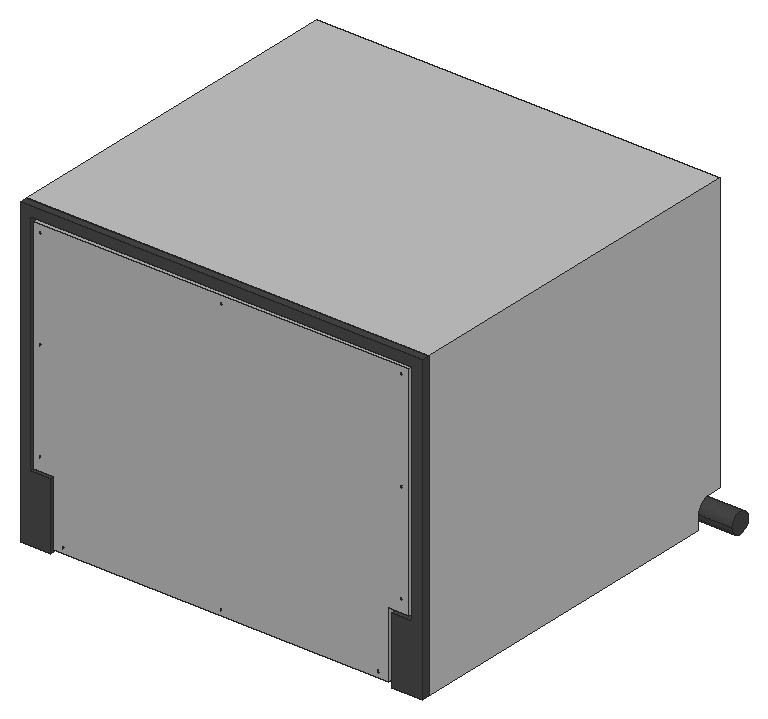
Revit family "FP_Revit_18_DD60SHTI9_DishDrawer_90000919A", category Specialty Equipment, Revit 2018
Family settings
  Round Connector Dimension = Use Diameter
  Part Type = Normal
  OmniClass Number = 23.40.40.14.31
  OmniClass Title = Cleaning and Disposal Equipment
  Work Plane-Based = No
  Always vertical = Yes
  Cut with Voids When Loaded = Yes
  Shared = No
  Room Calculation Point = No
Parameters (values of type "DD60SHTI9")
  Visibility - Handle = no
  Visibility - Door Panel = no
  Visibility - Clearance Required = yes
  URL = "www.fisherpaykel.com"
  Product - Width = 599 mm  # constant formula
  Product - Height = 454 mm  # constant formula
  Product - Depth = 553 mm  # constant formula
  Model = "DD60SHTI9"
  Material - Trim = Fisher & Paykel - Black
  Material - Door Structure = Fisher & Paykel - Aluminium
  Material - Door Front = Fisher & Paykel - Stainless Steel
  Material - Body = Fisher & Paykel - Grey
  Manufacturer = "Fisher & Paykel Appliances"
  FFL Offset [instance] = 406 mm
  Description = "Integrated Single DishDrawer"
  Connector Description - Water = "3/4“ BSP (GB20) to suit Flat Washer"
  Connector Description - Sanitary = "Drain Hose, No Fitting Required"
  Connector Description - Electrical = "230 V, 15 A, fused electrical supply"
  Cavity - Width = 600 mm  # constant formula
  Cavity - Height = 456 mm  # constant formula
  Cavity - Depth = 560 mm  # constant formula
Types (3, lengths in mm): name | Model
  (no name) | "DD60SHTI9"
  DD60STI9 | "DD60STI9"
  DD60SHTI9 | "DD60SHTI9"
Reference planes
  plane 1 "Datum": y = 0
  plane 2: z = 0
  plane 3 "Center (Left/Right)": x = 0
  plane 4: z = 0
  plane 5 "Product LHS": x = -299.5
  plane 6 "Product RHS": x = 299.5
  plane 7 "Product - Depth": y = 553
  plane 8 "Cavity LHS": x = -300
  plane 9 "Cavity RHS": x = 300
  plane 10 "Cavity - Depth": y = 560
  plane 11 "Product Height": z = 860
  plane 12 "Cavity - Height": z = 862
  plane 13 "FFL Offset": z = 406
  plane 14 "Door Front": y = -18
Forms (mm)
  Extrusion 1, solid, material "Fisher & Paykel - Grey" <- "Material - Body"
    sketch origin (0, 0, 0) x (0, 1, 0) y (0, 0, 1)
      loop
        line (12, 860) -> (12, 406) -> (513, 406) -> (513, 426)
        arc (513, 426) -> (518.858, 440.142) -> (533, 446) r 20
        line (533, 446) -> (553, 446) -> (553, 860) -> (12, 860)
    from -299.5 to 299.5
  Extrusion 2, solid, material "Fisher & Paykel - Aluminium" <- "Material - Door Structure", detail levels fine
    sketch origin (0, 0, 0) x (1, 0, 0) y (0, 0, 1)
      loop
        line (-279.5, 840) -> (-279.5, 511) -> (-249.5, 511) -> (-249.5, 412.713) -> (249.5, 412.713) -> (249.5, 511) -> (279.5, 511) -> (279.5, 840) -> (-279.5, 840)
      loop
        circle (-269.5, 680) r 1.502
      loop
        circle (-234.5, 421) r 1.5
      loop
        circle (-269.5, 530) r 1.5
      loop
        circle (-269.5, 830) r 1.5
      loop
        circle (0, 830) r 1.5
      loop
        circle (269.5, 680) r 1.502
      loop
        circle (269.5, 530) r 1.5
      loop
        circle (269.5, 830) r 1.5
      loop
        circle (0, 421) r 1.5
      loop
        circle (234.5, 421) r 1.5
    from -12 to 0
  Sweep 3, solid, material "Fisher & Paykel - Black", detail levels medium+fine
    path origin (0, 539.813, 406) x (1, 0, 0) y (0, 0, 1)
      loop
        line (-119.5, 75) -> (-119.5, 45.438)
        arc (-119.5, 45.438) -> (-125.358, 31.295) -> (-139.5, 25.437) r 20
        line (-139.5, 25.437) -> (-349.5, 25.437)
    profile origin (-119.5, 539.813, 466.219) x (0, -1, 0) y (1, 0, 0)
      loop
        circle (0, 0) r 9
  Extrusion 4, solid, material "Fisher & Paykel - Clearance Required", visible <- "Visibility - Clearance Required", detail levels coarse
    sketch origin (0, 0, 0) x (0, 1, 0) y (0, 0, 1)
      loop
        line (-18, 406) -> (-18, 860) -> (-545, 860) -> (-545, 820.3) -> (-587, 820.3) -> (-587, 804.3) -> (-545, 804.3) -> (-545, 406) -> (-18, 406)
    from -300 to 300
  Extrusion 5, solid, material "Fisher & Paykel - Clearance Required", visible <- "Visibility - Clearance Required", detail levels coarse
    sketch origin (0, 0, 0) x (1, 0, 0) y (0, 1, 0)
      loop
        line (300, 560) -> (-300, 560) -> (-300, 0) -> (300, 0) -> (300, 560)
    from 406 to 862
  Extrusion 6, solid, material "Fisher & Paykel - Black" <- "Material - Trim"
    sketch origin (0, 0, 0) x (1, 0, 0) y (0, 0, 1)
      loop
        line (-299.5, 860) -> (-299.5, 406) -> (-254.5, 406) -> (-254.5, 506) -> (-283.999, 506) -> (-283.999, 845) -> (284, 845) -> (284, 506) -> (254.5, 506) -> (254.5, 406) -> (299.5, 406) -> (299.5, 860) -> (-299.5, 860)
    from -12 to 0
  Sweep 7, solid, material "Fisher & Paykel - Black", detail levels medium+fine
    path origin (0, 0, 0) x (1, 0, 0) y (0, 1, 0)
      loop
        line (199.5, 513) -> (199.5, 514)
        arc (199.5, 514) -> (204.04, 524.96) -> (215, 529.5) r 15.5
        line (215, 529.5) -> (349.5, 529.5)
    profile origin (199.5, 513.5, 0) x (-1, 0, 0) y (0, 0, 1)
      loop
        circle (0, 427) r 15
  Sweep 8, solid, material "Fisher & Paykel - Black", detail levels medium+fine
    path origin (0, 0, 0) x (1, 0, 0) y (0, 1, 0)
      loop
        line (-33.982, 513) -> (-33.982, 516.982)
        arc (-33.982, 516.982) -> (-35.886, 521.579) -> (-40.482, 523.482) r 6.5
        line (-40.482, 523.482) -> (-349.5, 523.482)
    profile origin (-194.991, 523.482, 0) x (0, -1, 0) y (0, 0, 1)
      loop
        circle (0, 417.016) r 4
  Sweep 9, solid, material "Fisher & Paykel - Black", detail levels medium+fine
    path origin (0, 0, 0) x (1, 0, 0) y (0, 1, 0)
      loop
        line (-349.5, 522.999) -> (-215.482, 522.999)
        arc (-215.482, 522.999) -> (-211.239, 521.242) -> (-209.482, 516.999) r 6
        line (-209.482, 516.999) -> (-209.482, 513)
    profile origin (-209.482, 514.999, 0) x (1, 0, 0) y (0, 0, 1)
      loop
        circle (0, 426.938) r 5
  Extrusion 10, solid, material "Fisher & Paykel - Black", detail levels fine
    sketch origin (0, 0, 406) x (1, 0, 0) y (0, 0, 1)
      loop
        line (-27.5, 18) -> (-41.5, 18) -> (-41.5, 4) -> (-27.5, 4) -> (-27.5, 18)
    from -518 to -513
  Extrusion 11, void
    sketch origin (0, 0, 0) x (1, 0, 0) y (0, 1, 0)
      loop
        line (-300, 560) -> (-300, -18) -> (300, -18) -> (300, 560) -> (-300, 560)
    from 406 to 862
  Extrusion 12, solid, material "Fisher & Paykel - Stainless Steel" <- "Material - Door Front", visible <- "Visibility - Door Panel"
    sketch origin (0, 0, 0) x (1, 0, 0) y (0, 1, 0)
      loop
        line (297.5, 0) -> (-297.5, 0) -> (-297.5, -18) -> (297.5, -18) -> (297.5, 0)
    from 408 to 860
  Extrusion 13, void
    sketch origin (0, 0, 0) x (1, 0, 0) y (0, 0, 1)
      loop
        line (-9.5, 511) -> (-229.5, 511) -> (-229.5, 446) -> (-9.5, 446) -> (-9.5, 511)
    from -553 to -550
  Sweep 14, solid, material "Fisher & Paykel - Black", not visible, detail levels medium+fine
    path origin (0, 539.813, 1000) x (1, 0, 0) y (0, 0, 1)
      loop
        line (-119.5, 75) -> (-119.5, 45.438)
        arc (-119.5, 45.438) -> (-125.358, 31.295) -> (-139.5, 25.437) r 20
        line (-139.5, 25.437) -> (-349.5, 25.437)
    profile origin (-119.5, 539.813, 1060.219) x (0, -1, 0) y (1, 0, 0)
      loop
        circle (0, 0) r 9
  Sweep 15, solid, material "Fisher & Paykel - Black", not visible, detail levels medium+fine
    path origin (0, 0, 594) x (1, 0, 0) y (0, 1, 0)
      loop
        line (199.5, 513) -> (199.5, 514)
        arc (199.5, 514) -> (204.04, 524.96) -> (215, 529.5) r 15.5
        line (215, 529.5) -> (349.5, 529.5)
    profile origin (199.5, 513.5, 594) x (-1, 0, 0) y (0, 0, 1)
      loop
        circle (0, 427) r 15
  Sweep 16, solid, material "Fisher & Paykel - Black", not visible, detail levels medium+fine
    path origin (0, 0, 594) x (1, 0, 0) y (0, 1, 0)
      loop
        line (-33.982, 513) -> (-33.982, 516.982)
        arc (-33.982, 516.982) -> (-35.886, 521.579) -> (-40.482, 523.482) r 6.5
        line (-40.482, 523.482) -> (-349.5, 523.482)
    profile origin (-194.991, 523.482, 594) x (0, -1, 0) y (0, 0, 1)
      loop
        circle (0, 417.016) r 4
  Sweep 17, solid, material "Fisher & Paykel - Black", not visible, detail levels medium+fine
    path origin (0, 0, 594) x (1, 0, 0) y (0, 1, 0)
      loop
        line (-349.5, 522.999) -> (-215.482, 522.999)
        arc (-215.482, 522.999) -> (-211.239, 521.242) -> (-209.482, 516.999) r 6
        line (-209.482, 516.999) -> (-209.482, 513)
    profile origin (-209.482, 514.999, 594) x (1, 0, 0) y (0, 0, 1)
      loop
        circle (0, 426.938) r 5
  Extrusion 18, solid, material "Fisher & Paykel - Black", not visible, detail levels fine
    sketch origin (0, 0, 1000) x (1, 0, 0) y (0, 0, 1)
      loop
        line (-27.5, 18) -> (-41.5, 18) -> (-41.5, 4) -> (-27.5, 4) -> (-27.5, 18)
    from -518 to -513
Cuts and joins
  Extrusion 13 cuts Extrusion 2
  Extrusion 13 cuts Extrusion 4
  Extrusion 13 cuts Extrusion 12
  Extrusion 13 cuts Extrusion 1
Lines and regions (mm)
  model lines, style "Fisher & Paykel"
    curve 1: line (-297.5, 0, 860) -> (297.5, 0, 860)
    curve 2: line (-297.5, 0, 408) -> (-297.5, 0, 860)
    curve 3: line (297.5, 0, 408) -> (-297.5, 0, 408)
    curve 4: line (297.5, 0, 860) -> (297.5, 0, 408)
  model lines
    curve 5: line (-297.5, 0, 860) -> (297.5, 0, 860)
    curve 6: line (-297.5, 0, 408) -> (-297.5, 0, 860)
    curve 7: line (297.5, 0, 408) -> (-297.5, 0, 408)
    curve 8: line (297.5, 0, 860) -> (297.5, 0, 408)
  model lines, style "Fisher & Paykel", not visible
    curve 9: line (297.5, 0, 1002) -> (-297.5, 0, 1002)
  model lines, not visible
    curve 10: line (297.5, 0, 1002) -> (-297.5, 0, 1002)
Text (mm)
  text "Due to ongoing product development, product details are subject to change without notice. \nPlease always refer to www.fisherpaykel.com for the most current product information. \n© Fisher & Paykel 2020" at (41.04, -647.69, 0), in view "Ref. Level (Plan)"
Dimensions and locks
  equal spacing: plane 5 "Product LHS", plane 3 "Center (Left/Right)", plane 6 "Product RHS"
  "Product - Width": plane 5 "Product LHS" to plane 6 "Product RHS"
  "Product - Depth": plane 1 "Datum" to plane 7 "Product - Depth"
  equal spacing: plane 8 "Cavity LHS", plane 3 "Center (Left/Right)", plane 9 "Cavity RHS"
  "Cavity - Width": plane 8 "Cavity LHS" to plane 9 "Cavity RHS"
  "Cavity - Depth": plane 10 "Cavity - Depth" to plane 1 "Datum"
  "FFL Offset": plane 13 "FFL Offset" to level
  "Product - Height": plane 11 "Product Height" to plane 13 "FFL Offset"
  "Cavity - Height": plane 13 "FFL Offset" to plane 12 "Cavity - Height"
  locked: plane 11 "Product Height" to nested 1 at 39.7
  locked: plane 13 "FFL Offset" to cut or joined group of Extrusion 12, Extrusion 13 at 2
  locked: Extrusion 2 sketch curve to plane 13 "FFL Offset" at 6.713
  locked: cut or joined group of Extrusion 1, Extrusion 13 to Extrusion 13 sketch curve at 65
  locked: cut or joined group of Extrusion 12, Extrusion 13 to plane 13 "FFL Offset" at 2
  locked: plane 13 "FFL Offset" to Sweep 3 at 75
  locked: Extrusion 1 sketch curve to plane 13 "FFL Offset" at 40
  aligned and locked: level to plane 2
  aligned and locked: Extrusion 5 sketch curve to plane 8 "Cavity LHS"
  aligned and locked: plane 1 "Datum" to Extrusion 5 sketch curve
  aligned and locked: Extrusion 5 sketch curve to plane 9 "Cavity RHS"
  aligned and locked: Extrusion 4 to plane 13 "FFL Offset"
  aligned and locked: cut or joined group of Extrusion 4, Extrusion 13 to Extrusion 5
  aligned and locked: Extrusion 5 to plane 12 "Cavity - Height"
  aligned and locked: Extrusion 5 to Extrusion 1
  aligned and locked: plane 11 "Product Height" to Extrusion 1
  aligned and locked: Extrusion 6 sketch curve to plane 13 "FFL Offset"
  aligned and locked: Extrusion 6 sketch curve to Extrusion 6 sketch curve
  aligned and locked: plane 11 "Product Height" to Extrusion 12
  aligned and locked: cut or joined group of Extrusion 1, Extrusion 13 to Extrusion 13 sketch curve
  aligned and locked: Extrusion 2 sketch curve to Extrusion 2 sketch curve
  aligned and locked: Extrusion 11 to Extrusion 5  (x2)
Automatic sketch dimensions
  Sweep 3 sketch curve to profile plane = 0 mm
  profile plane to Sweep 3 sketch curve = 0 mm
  Sweep 3 sketch curve to Sweep 3 sketch curve = 20 mm
  Sweep 3 sketch curve to Sweep 3 sketch curve = 29.562 mm
  Sweep 7 sketch curve to profile plane = 0 mm
  Sweep 7 sketch curve to Sweep 7 sketch curve = 15.5 mm
  Sweep 7 sketch curve to Sweep 7 sketch curve = 1 mm
  Sweep 8 sketch curve to Sweep 8 sketch curve = 3.982 mm
  Sweep 8 sketch curve to Sweep 8 sketch curve = 6.5 mm
  Sweep 8 sketch curve to profile plane = 0 mm
  Sweep 9 sketch curve to Sweep 9 sketch curve = 6 mm
  Sweep 9 sketch curve to Sweep 9 sketch curve = 3.999 mm
  profile plane to Sweep 9 sketch curve = 0 mm
  Extrusion 10 sketch curve to Extrusion 10 sketch curve = 14 mm  (x2)
  Extrusion 5 sketch curve to plane 10 "Cavity - Depth" = 0 mm
  plane 1 "Datum" to Extrusion 11 sketch curve = 18 mm
  Extrusion 11 sketch curve to plane 8 "Cavity LHS" = 0 mm
  Extrusion 11 sketch curve to plane 9 "Cavity RHS" = 0 mm
  Extrusion 11 sketch curve to plane 10 "Cavity - Depth" = 0 mm
  plane 1 "Datum" to Extrusion 12 sketch curve = 0 mm
  plane 9 "Cavity RHS" to Extrusion 12 sketch curve = 597.5 mm
  plane 1 "Datum" to Extrusion 12 sketch curve = 18 mm
  Extrusion 12 sketch curve to Extrusion 12 sketch curve = 595 mm
  Extrusion 4 sketch curve to plane 11 "Product Height" = 0 mm
  level to Extrusion 4 sketch curve = 406 mm
  plane 1 "Datum" to Extrusion 4 sketch curve = 587 mm
  Extrusion 4 sketch curve to Extrusion 4 sketch curve = 42 mm  (x2)
  plane 1 "Datum" to Extrusion 4 sketch curve = 18 mm
  Extrusion 4 sketch curve to Extrusion 4 sketch curve = 16 mm
  Extrusion 4 sketch curve to Extrusion 4 sketch curve = 55.7 mm
  plane 11 "Product Height" to Extrusion 1 sketch curve = 0 mm
  Extrusion 1 sketch curve to plane 7 "Product - Depth" = 0 mm
  Extrusion 1 sketch curve to Extrusion 1 sketch curve = 20 mm  (x2)
  Extrusion 1 sketch curve to plane 1 "Datum" = 12 mm
  curve 6 to plane 11 "Product Height" = 0 mm
  curve 1 to plane 5 "Product LHS" = 2 mm
  plane 6 "Product RHS" to curve 5 = 2 mm
  Extrusion 1 sketch curve to plane 13 "FFL Offset" = 0 mm
  plane 5 "Product LHS" to Extrusion 6 sketch curve = 0 mm
  plane 6 "Product RHS" to Extrusion 6 sketch curve = 0 mm
  Extrusion 6 sketch curve to plane 5 "Product LHS" = 15.501 mm
  Extrusion 6 sketch curve to Extrusion 6 sketch curve = 29.499 mm
  plane 6 "Product RHS" to Extrusion 6 sketch curve = 45 mm
  plane 6 "Product RHS" to Extrusion 6 sketch curve = 15.5 mm
  plane 13 "FFL Offset" to Extrusion 6 sketch curve = 100 mm  (x2)
  Extrusion 6 sketch curve to plane 11 "Product Height" = 15 mm
  plane 11 "Product Height" to Extrusion 6 sketch curve = 0 mm
  Extrusion 13 sketch curve to plane 5 "Product LHS" = 70 mm
  Extrusion 13 sketch curve to plane 3 "Center (Left/Right)" = 9.5 mm
  plane 13 "FFL Offset" to curve 6 = 2 mm
  plane 13 "FFL Offset" to curve 4 = 2 mm
  Sweep 3 sketch curve to Sweep 3 sketch curve = 210 mm
  Sweep 7 sketch curve to Sweep 7 sketch curve = 134.5 mm
  profile plane to Sweep 7 sketch curve = 427 mm
  Sweep 8 sketch curve to Sweep 8 sketch curve = 309.018 mm
  profile plane to Sweep 8 sketch curve = 417.016 mm
  Sweep 9 sketch curve to Sweep 9 sketch curve = 134.018 mm
  profile plane to Sweep 9 sketch curve = 426.938 mm
  Sweep 14 sketch curve to profile plane = 0 mm
  profile plane to Sweep 14 sketch curve = 0 mm
  Sweep 14 sketch curve to Sweep 14 sketch curve = 20 mm
  Sweep 14 sketch curve to Sweep 14 sketch curve = 29.562 mm
  Sweep 15 sketch curve to profile plane = 0 mm
  Sweep 15 sketch curve to Sweep 15 sketch curve = 15.5 mm
  Sweep 15 sketch curve to Sweep 15 sketch curve = 1 mm
  Sweep 16 sketch curve to Sweep 16 sketch curve = 3.982 mm
  Sweep 16 sketch curve to Sweep 16 sketch curve = 6.5 mm
  Sweep 16 sketch curve to profile plane = 0 mm
  Sweep 17 sketch curve to Sweep 17 sketch curve = 6 mm
  Sweep 17 sketch curve to Sweep 17 sketch curve = 3.999 mm
  profile plane to Sweep 17 sketch curve = 0 mm
  Extrusion 18 sketch curve to Extrusion 18 sketch curve = 14 mm  (x2)
  Sweep 14 sketch curve to Sweep 14 sketch curve = 210 mm
  Sweep 15 sketch curve to Sweep 15 sketch curve = 134.5 mm
  profile plane to Sweep 15 sketch curve = 427 mm
  Sweep 16 sketch curve to Sweep 16 sketch curve = 309.018 mm
  profile plane to Sweep 16 sketch curve = 417.016 mm
  Sweep 17 sketch curve to Sweep 17 sketch curve = 134.018 mm
  profile plane to Sweep 17 sketch curve = 426.938 mm
  Extrusion 2 sketch curve to plane 3 "Center (Left/Right)" = 0 mm  (x2)
  plane 13 "FFL Offset" to Extrusion 2 sketch curve = 15 mm  (x3)
  Extrusion 2 sketch curve to plane 5 "Product LHS" = 65 mm
  Extrusion 2 sketch curve to Extrusion 2 sketch curve = 15 mm
  Extrusion 2 sketch curve to plane 5 "Product LHS" = 30 mm  (x2)
  Extrusion 2 sketch curve to Extrusion 2 sketch curve = 20 mm  (x2)
  Extrusion 2 sketch curve to plane 5 "Product LHS" = 20 mm
  plane 6 "Product RHS" to Extrusion 2 sketch curve = 65 mm
  plane 6 "Product RHS" to Extrusion 2 sketch curve = 50 mm
  plane 6 "Product RHS" to Extrusion 2 sketch curve = 30 mm  (x2)
  Extrusion 2 sketch curve to Extrusion 2 sketch curve = 10 mm  (x2)
  Extrusion 2 sketch curve to Extrusion 2 sketch curve = 90 mm
  Extrusion 2 sketch curve to Extrusion 2 sketch curve = 19 mm  (x2)
  Extrusion 2 sketch curve to Extrusion 2 sketch curve = 150 mm  (x2)
  Extrusion 2 sketch curve to plane 11 "Product Height" = 30 mm  (x3)
  radius of Sweep 3 sketch curve = 9 mm
  radius of Sweep 7 sketch curve = 15 mm
  radius of Sweep 8 sketch curve = 4 mm
  radius of Sweep 9 sketch curve = 5 mm
  radius of Sweep 14 sketch curve = 9 mm
  radius of Sweep 15 sketch curve = 15 mm
  radius of Sweep 16 sketch curve = 4 mm
  radius of Sweep 17 sketch curve = 5 mm
  radius of Extrusion 2 sketch curve = 1.502 mm  (x2)
  radius of Extrusion 2 sketch curve = 1.5 mm  (x8)
Nested families
  nested 1: "F&P Handle Contemporary Square - Horizontal" at (0, -18, 812.322), visible <- "Visibility - Handle", type "565mm"
Connectors
  piping at (-349.5, 539.813, 431.437), diameter 15.9, driven by "Connector Description - Sanitary"
    settings: on Sweep 3, index 4, connector inside diameter 609.6 mm, connector length 0 mm, flow factor 0, pipe flow 0.0 L/s, pressure drop 0.0 Pa, fitting loss kfactor 0, connector angle 0.00°, fixture units 0, engagement length 0 mm, angle of deflection 0.00°, flow configuration 0, flow direction 2, fitting loss method 0, system type 16, joint type 0, gender type 0, connector reference index -1, connector utility 0, adjustable connector no, is connector primary yes, connector description "Drain Hose, No Fitting Required"
  piping at (349.5, 529.5, 427), diameter 30
    settings: on Sweep 7, index 5, connector inside diameter 609.6 mm, connector length 0 mm, flow factor 0, pipe flow 0.0 L/s, pressure drop 0.0 Pa, fitting loss kfactor 0, connector angle 0.00°, fixture units 0, engagement length 0 mm, angle of deflection 0.00°, flow configuration 0, flow direction 2, fitting loss method 0, system type 17, joint type 0, gender type 0, connector reference index -1, connector utility 0, adjustable connector no, is connector primary no, connector description "Vent hose for Fan Assisted Drying"
  piping at (-349.5, 522.999, 426.938), diameter 10, driven by "Connector Description - Water"
    settings: on Sweep 9, index 6, connector inside diameter 609.6 mm, connector length 0 mm, flow factor 0, pipe flow 0.0 L/s, pressure drop 0.0 Pa, fitting loss kfactor 0, connector angle 0.00°, fixture units 0, engagement length 0 mm, angle of deflection 0.00°, flow configuration 0, flow direction 1, fitting loss method 0, system type 20, joint type 0, gender type 0, connector reference index -1, connector utility 0, adjustable connector no, is connector primary no, connector description "3/4“ BSP (GB20) to suit Flat Washer"
  electrical at (-349.5, 523.482, 417.016), driven by "Connector Description - Electrical"
    settings: on Sweep 8, index 7, voltage 230 V, apparent load 0 VA, apparent load phase1 0 VA, apparent load phase2 0 VA, apparent load phase3 0 VA, power factor 1, load classification "Other", number of poles 1, system type 30, power factor state 1, is connector primary yes, connector utility no, sub classification motor no, connector description "230 V, 15 A, fused electrical supply"
Definition of nested family "F&P Handle Contemporary Square - Horizontal"
  Parameters (values of type "565mm")
    URL = "www.fisherpaykel.com"
    Material - Handle = none
    Manufacturer = "Fisher & Paykel Appliances"
    Handle - Standoff = 100 mm
    Handle - Length = 565 mm
  Reference planes
    plane 1 "Center (Front/Back)": y = 0
    plane 2: z = 0
    plane 3 "Center (Left/Right)": x = 0
    plane 4 "Product LHS": x = -282.5
    plane 5 "Product RHS": x = 282.5
    plane 6 "LHS Standoff": x = -182.5
    plane 7 "RHS Standoff": x = 182.5
  Forms (mm)
    Extrusion 1, solid, material <- "Material - Handle", detail levels fine
      sketch origin (0, 0, 0) x (0, 1, 0) y (0, 0, 1)
        loop
          arc (-27.701, 7.561) -> (-28.057, 7.868) -> (-28.514, 7.978) r 1
          line (-28.514, 7.978) -> (-39.5, 7.978)
          arc (-39.5, 7.978) -> (-40.561, 7.539) -> (-41, 6.478) r 1.5
          line (-41, 6.478) -> (-41, -6.522)
          arc (-41, -6.522) -> (-40.561, -7.583) -> (-39.5, -8.022) r 1.5
          line (-39.5, -8.022) -> (-28.487, -8.022)
          arc (-28.487, -8.022) -> (-28.029, -7.911) -> (-27.673, -7.602) r 1
          arc (-27.673, -7.602) -> (-25.256, -0.016) -> (-27.701, 7.561) r 13.038
      from -282.5 to 282.5
    Extrusion 2, solid, material <- "Material - Handle", detail levels fine
      sketch origin (0, 0, 0) x (0, 1, 0) y (0, 0, 1)
        loop
          arc (-27.23, 7.062) -> (-25.156, 0.008) -> (-27.198, -7.056) r 13.136
          arc (-27.198, -7.056) -> (-27.21, -7.463) -> (-26.86, -7.67) r 0.4
          line (-26.86, -7.67) -> (0, -7.67) -> (0, 7.678) -> (-26.893, 7.678)
          arc (-26.893, 7.678) -> (-27.244, 7.47) -> (-27.23, 7.062) r 0.4
      from 182.5 to 282.5
    Extrusion 3, solid, material <- "Material - Handle", detail levels fine
      sketch origin (0, 0, 0) x (0, 1, 0) y (0, 0, -1)
        loop
          arc (-27.23, -7.062) -> (-27.244, -7.47) -> (-26.893, -7.678) r 0.4
          line (-26.893, -7.678) -> (0, -7.678) -> (0, 7.67) -> (-26.86, 7.67)
          arc (-26.86, 7.67) -> (-27.21, 7.463) -> (-27.198, 7.056) r 0.4
          arc (-27.198, 7.056) -> (-25.156, -0.008) -> (-27.23, -7.062) r 13.136
      from 182.5 to 282.5
    Sweep 4, void
      path in 3D
        loop
          line (282.5, -28.514, 7.978) -> (282.5, -39.5, 7.978)
          arc (282.5, -39.5, 7.978) -> (282.5, -40.561, 7.539) -> (282.5, -41, 6.478) r 1.5
          line (282.5, -41, 6.478) -> (282.5, -41, -6.522)
          arc (282.5, -41, -6.522) -> (282.5, -40.561, -7.583) -> (282.5, -39.5, -8.022) r 1.5
          line (282.5, -39.5, -8.022) -> (282.5, -28.487, -8.022)
      profile origin (282.5, -34.007, 7.978) x (1, 0, 0) y (0, 0, 1)
        loop
          line (0, 0) -> (-1.3, 0) -> (0, -1.3) -> (0, 0)
    Sweep 5, void
      path in 3D
        loop
          line (-282.5, -28.487, -8.022) -> (-282.5, -39.5, -8.022)
          arc (-282.5, -39.5, -8.022) -> (-282.5, -40.561, -7.583) -> (-282.5, -41, -6.522) r 1.5
          line (-282.5, -41, -6.522) -> (-282.5, -41, 6.478)
          arc (-282.5, -41, 6.478) -> (-282.5, -40.561, 7.539) -> (-282.5, -39.5, 7.978) r 1.5
          line (-282.5, -39.5, 7.978) -> (-282.5, -28.514, 7.978)
      profile origin (-282.5, -34.007, 7.978) x (-1, 0, 0) y (0, 0, 1)
        loop
          line (0, 0) -> (-1.3, 0) -> (0, -1.3) -> (0, 0)
    Extrusion 6, void
      sketch origin (0, 0, 0) x (1, 0, 0) y (0, 0, 1)
        loop
          line (282.5, 7.978) -> (281.2, 7.978) -> (282.5, 6.678) -> (282.5, 7.978)
        loop
          line (282.5, -8.022) -> (282.5, -6.722) -> (281.2, -8.022) -> (282.5, -8.022)
      from 0 to 28.514
    Extrusion 7, void
      sketch origin (0, 0, 0) x (1, 0, 0) y (0, 0, 1)
        loop
          line (-282.5, 7.978) -> (-282.5, 6.678) -> (-281.2, 7.978) -> (-282.5, 7.978)
        loop
          line (-282.5, -8.022) -> (-281.2, -8.022) -> (-282.5, -6.722) -> (-282.5, -8.022)
      from 0 to 28.487
    Extrusion 8, solid, material <- "Material - Handle", detail levels coarse+medium
      sketch origin (0, 0, 0) x (1, 0, 0) y (0, 1, 0)
        loop
          line (-282.5, -41) -> (282.5, -41) -> (282.5, 0) -> (182.5, 0) -> (182.5, -26.156) -> (-182.5, -26.156) -> (-182.5, 0) -> (-282.5, 0) -> (-282.5, -41)
      from -8.022 to 7.978
  Cuts and joins
    Sweep 4, Sweep 5, Extrusion 6, Extrusion 7 cuts Extrusion 1
    Extrusion 6 cuts Extrusion 2
    Extrusion 7 cuts Extrusion 3
  Lines and regions (mm)
    sketch lines
      curve 1: line (282.5, -28.514, 7.978) -> (282.5, -39.5, 7.978)
      curve 2: arc (282.5, -41, 6.478) -> (282.5, -40.561, 7.539) -> (282.5, -39.5, 7.978) r 1.5
      curve 3: line (282.5, -41, 6.478) -> (282.5, -41, -6.522)
      curve 4: arc (282.5, -39.5, -8.022) -> (282.5, -40.561, -7.583) -> (282.5, -41, -6.522) r 1.5
      curve 5: line (282.5, -39.5, -8.022) -> (282.5, -28.487, -8.022)
      curve 6: line (-282.5, -39.5, 7.978) -> (-282.5, -28.514, 7.978)
      curve 7: arc (-282.5, -39.5, 7.978) -> (-282.5, -40.561, 7.539) -> (-282.5, -41, 6.478) r 1.5
      curve 8: line (-282.5, -41, -6.522) -> (-282.5, -41, 6.478)
      curve 9: arc (-282.5, -41, -6.522) -> (-282.5, -40.561, -7.583) -> (-282.5, -39.5, -8.022) r 1.5
      curve 10: line (-282.5, -28.487, -8.022) -> (-282.5, -39.5, -8.022)
  Dimensions and locks
    equal spacing: plane 4 "Product LHS", plane 3 "Center (Left/Right)", plane 5 "Product RHS"
    "Handle - Length": plane 4 "Product LHS" to plane 5 "Product RHS"
    "Handle - Standoff": plane 4 "Product LHS" to plane 6 "LHS Standoff"
    "Handle - Standoff": plane 7 "RHS Standoff" to plane 5 "Product RHS"
    Extrusion 8 to plane 1 "Center (Front/Back)" = 41 mm
    aligned and locked: level to plane 2
    aligned and locked: Extrusion 1 to plane 5 "Product RHS"
    aligned and locked: plane 4 "Product LHS" to Extrusion 1
    aligned and locked: Extrusion 2 to plane 5 "Product RHS"
    aligned and locked: plane 4 "Product LHS" to Extrusion 3
    aligned and locked: plane 4 "Product LHS" to Extrusion 8 sketch curve
    aligned and locked: Extrusion 8 sketch curve to plane 5 "Product RHS"
    aligned and locked: Extrusion 8 sketch curve to plane 7 "RHS Standoff"
    aligned and locked: plane 6 "LHS Standoff" to Extrusion 8 sketch curve
    aligned and locked: Extrusion 2 to plane 7 "RHS Standoff"
    aligned and locked: plane 6 "LHS Standoff" to Extrusion 3
  Automatic sketch dimensions
    Extrusion 1 sketch curve to level = 6.522 mm
    plane 1 "Center (Front/Back)" to Extrusion 1 sketch curve = 41 mm
    Extrusion 1 sketch curve to Extrusion 1 sketch curve = 1.5 mm  (x2)
    Extrusion 1 sketch curve to level = 0.04 mm
    Extrusion 1 sketch curve to Extrusion 1 sketch curve = 1.206 mm
    level to Extrusion 1 sketch curve = 6.978 mm
    Extrusion 1 sketch curve to Extrusion 1 sketch curve = 10.986 mm
    Extrusion 1 sketch curve to Extrusion 1 sketch curve = 11.013 mm
    Extrusion 1 sketch curve to Extrusion 1 sketch curve = 1 mm
    level to Extrusion 1 sketch curve = 6.478 mm
    Extrusion 1 sketch curve to Extrusion 1 sketch curve = 0 mm
    Extrusion 2 sketch curve to plane 1 "Center (Front/Back)" = 0 mm
    Extrusion 2 sketch curve to level = 7.67 mm
    Extrusion 2 sketch curve to Extrusion 2 sketch curve = 26.86 mm
    level to Extrusion 2 sketch curve = 7.678 mm
    Extrusion 2 sketch curve to Extrusion 2 sketch curve = 0.033 mm
    Extrusion 2 sketch curve to level = 0.022 mm
    Extrusion 2 sketch curve to Extrusion 2 sketch curve = 11.398 mm
    Extrusion 2 sketch curve to Extrusion 2 sketch curve = 0.4 mm  (x2)
    Extrusion 2 sketch curve to Extrusion 2 sketch curve = 0 mm
    Extrusion 3 sketch curve to plane 1 "Center (Front/Back)" = 0 mm
    Extrusion 3 sketch curve to level = 7.67 mm
    Extrusion 3 sketch curve to Extrusion 3 sketch curve = 26.86 mm
    level to Extrusion 3 sketch curve = 7.678 mm
    Extrusion 3 sketch curve to Extrusion 3 sketch curve = 0.033 mm
    Extrusion 3 sketch curve to level = 0.022 mm
    Extrusion 3 sketch curve to Extrusion 3 sketch curve = 11.398 mm
    Extrusion 3 sketch curve to Extrusion 3 sketch curve = 0.4 mm  (x2)
    Extrusion 3 sketch curve to Extrusion 3 sketch curve = 0 mm
    profile plane to Sweep 4 sketch curve = 0 mm
    Sweep 4 sketch curve to profile plane = 0 mm
    Sweep 4 sketch curve to profile plane = 1.3 mm
    profile plane to Sweep 4 sketch curve = 1.3 mm
    Sweep 5 sketch curve to profile plane = 0 mm  (x2)
    profile plane to Sweep 5 sketch curve = 1.3 mm
    Sweep 5 sketch curve to profile plane = 1.3 mm
    plane 5 "Product RHS" to Extrusion 6 sketch curve = 0 mm  (x2)
    Extrusion 6 sketch curve to Extrusion 6 sketch curve = 1.3 mm  (x4)
    Extrusion 6 sketch curve to level = 6.722 mm
    level to Extrusion 6 sketch curve = 6.678 mm
    plane 4 "Product LHS" to Extrusion 7 sketch curve = 0 mm  (x2)
    Extrusion 7 sketch curve to plane 4 "Product LHS" = 1.3 mm  (x2)
    Extrusion 7 sketch curve to level = 8.022 mm
    level to Extrusion 7 sketch curve = 6.678 mm
    Extrusion 7 sketch curve to Extrusion 7 sketch curve = 1.3 mm  (x2)
    plane 1 "Center (Front/Back)" to Extrusion 8 sketch curve = 0 mm  (x2)
    Extrusion 8 sketch curve to Extrusion 8 sketch curve = 26.156 mm
    Extrusion 8 sketch curve to Extrusion 8 sketch curve = 41 mm
